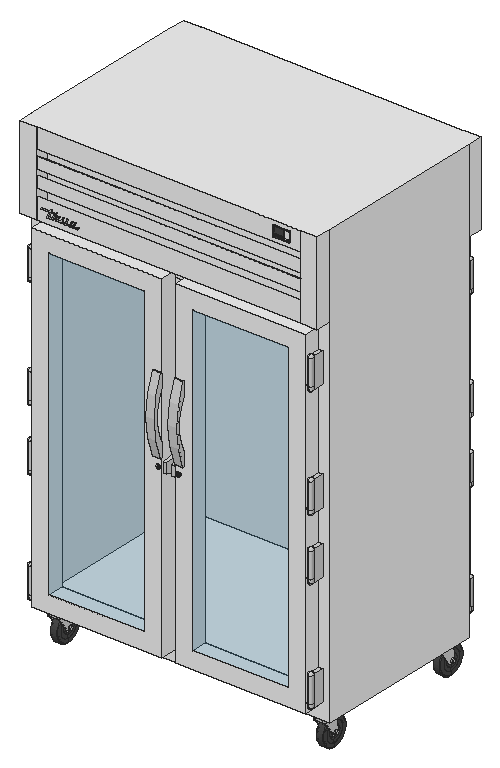
Revit family (continued)
Automatic sketch dimensions
  Revolve 87 sketch curve to Revolve 87 sketch curve = 0.40666"
  Revolve 87 sketch curve to Revolve 87 sketch curve = 0"
  plane 7 to Revolve 87 sketch curve = 22.42281"
  Revolve 87 sketch curve to Revolve 87 sketch curve = 0.32931"
  Revolve 87 sketch curve to Revolve 87 sketch curve = 0.51246"
  Revolve 87 sketch curve to Revolve 87 sketch curve = 0.05342"
  Revolve 87 sketch curve to Revolve 87 sketch curve = 4.42889"
  Revolve 87 sketch curve to Revolve 87 sketch curve = 0.04281"
  Revolve 87 sketch curve to Revolve 87 sketch curve = 0.18929"
  Revolve 87 sketch curve to Revolve 87 sketch curve = 0.55526"
  plane 10 to Extrusion 88 sketch curve = 1.14759"
  Extrusion 88 sketch curve to Extrusion 88 sketch curve = 0.39759"
  plane 7 to Extrusion 88 sketch curve = 23.37579"
  Extrusion 88 sketch curve to Extrusion 88 sketch curve = 4.47281"
  plane 1 "BACK" to Extrusion 89 sketch curve = 1/2"
  Extrusion 89 sketch curve to Extrusion 89 sketch curve = 0.43503"
  Extrusion 89 sketch curve to Extrusion 89 sketch curve = 0.20453"
  Extrusion 89 sketch curve to Extrusion 89 sketch curve = 1.61044"
  plane 7 to Extrusion 89 sketch curve = 2.86127"
  Extrusion 89 sketch curve to Extrusion 89 sketch curve = 0.71221"
  Extrusion 89 sketch curve to Extrusion 89 sketch curve = 4.39928"
  plane 1 "BACK" to Revolve 90 sketch curve = 0.07771"  (x2)
  Revolve 90 sketch curve to Revolve 90 sketch curve = 0.38242"
  Revolve 90 sketch curve to Revolve 90 sketch curve = 0.38436"
  plane 1 "BACK" to Revolve 90 sketch curve = 31/64"
  Revolve 90 sketch curve to Revolve 90 sketch curve = 0.40666"
  Revolve 90 sketch curve to Revolve 90 sketch curve = 0"
  plane 7 to Revolve 90 sketch curve = 2.67281"
  Revolve 90 sketch curve to Revolve 90 sketch curve = 0.32931"
  Revolve 90 sketch curve to Revolve 90 sketch curve = 0.51246"
  Revolve 90 sketch curve to Revolve 90 sketch curve = 0.05342"
  Revolve 90 sketch curve to Revolve 90 sketch curve = 4.42889"
  Revolve 90 sketch curve to Revolve 90 sketch curve = 0.04281"
  Revolve 90 sketch curve to Revolve 90 sketch curve = 0.18929"
  Revolve 90 sketch curve to Revolve 90 sketch curve = 0.55526"
  plane 10 to Extrusion 91 sketch curve = 1.14759"
  Extrusion 91 sketch curve to Extrusion 91 sketch curve = 0.39759"
  plane 7 to Extrusion 91 sketch curve = 3.62579"
  Extrusion 91 sketch curve to Extrusion 91 sketch curve = 4.47281"
  Extrusion 92 sketch curve to plane 1 "BACK" = 0.2"  (x2)
  Extrusion 92 sketch curve to plane 1 "BACK" = 0"  (x2)
  plane 1 "BACK" to Extrusion 92 sketch curve = 7.77899"
  plane 14 to Extrusion 92 sketch curve = 2.97406"
  Extrusion 92 sketch curve to plane 8 = 5.95"
  Extrusion 92 sketch curve to Extrusion 92 sketch curve = 2.4"
  Extrusion 92 sketch curve to Extrusion 92 sketch curve = 4.4"
  Extrusion 92 sketch curve to Extrusion 92 sketch curve = 0"
  Extrusion 93 sketch curve to plane 1 "BACK" = 0.2"  (x2)
  Extrusion 93 sketch curve to plane 1 "BACK" = 0"  (x2)
  plane 1 "BACK" to Extrusion 93 sketch curve = 7.77899"
  plane 14 to Extrusion 93 sketch curve = 2.97406"
  plane 9 to Extrusion 93 sketch curve = 3.99688"
  Extrusion 93 sketch curve to Extrusion 93 sketch curve = 2.4"
  Extrusion 93 sketch curve to plane 12 = 12 19/32"
  Extrusion 93 sketch curve to Extrusion 93 sketch curve = 0"
  Extrusion 3 to Extrusion 94 sketch curve = 0"  (x2)
  Extrusion 94 sketch curve to Extrusion 94 sketch curve = 1"
  Extrusion 3 to Extrusion 94 sketch curve = 1"
  Extrusion 3 to Extrusion 94 sketch curve = 22 1/8"  (x2)
  Extrusion 94 sketch curve to Extrusion 94 sketch curve = 4 1/32"  (x2)
  plane 1 "BACK" to curve 1 = 0"
  curve 1 to plane 3 "LEFT" = 0"
  curve 25 to plane 5 "FRONT" = 0"
  curve 1 to plane 4 "RIGHT" = 0"
  plane 3 "LEFT" to curve 11 = 1.20097"
  plane 3 "LEFT" to curve 7 = 1.20097"
  curve 43 to plane 9 = 3/4"
  curve 25 to plane 9 = 3/4"
  curve 9 to plane 9 = 11/32"
  curve 13 to plane 9 = 11/32"
  plane 1 "BACK" to curve 11 = 3.1708"
  plane 9 to curve 11 = 0.98222"
  plane 9 to curve 6 = 0.60602"
  curve 32 to plane 1 "BACK" = 0.2"
  curve 10 to curve 32 = 1.83124"
  curve 34 to curve 35 = 2.4"
  plane 14 to curve 32 = 2.97406"
  curve 32 to plane 12 = 12.47812"
  curve 35 to curve 32 = 0"
  curve 35 to curve 33 = 2.4"
  curve 26 to plane 12 = 2.60575"
  curve 27 to plane 12 = 1.10575"
  curve 43 to plane 12 = 1 1/8"
  curve 25 to curve 28 = 0.01925"
  curve 31 to plane 8 = 1.27763"
  curve 41 to plane 8 = 1 9/32"
  curve 31 to curve 23 = 0.00362"
  curve 30 to curve 29 = 1 1/2"
  curve 36 to plane 1 "BACK" = 0.2"
  curve 41 to curve 36 = 4.56875"
  curve 37 to curve 39 = 2.4"
  curve 39 to curve 39 = 4.4"
  plane 14 to curve 36 = 2.97406"
  curve 36 to curve 39 = 0"
  curve 39 to curve 38 = 2.4"
  curve 20 to plane 10 = 2.55528"
  curve 16 to plane 10 = 2.55528"
  curve 16 to plane 10 = 1.25624"
  curve 21 to plane 10 = 1.25624"
  plane 10 to curve 18 = 0.06972"
  plane 10 to curve 15 = 0.06972"
  plane 10 to curve 40 = 19/32"
  plane 10 to curve 22 = 19/32"
  curve 40 to curve 41 = 0"
  curve 22 to curve 23 = 0"
  curve 26 to curve 26 = 1.64405"
  curve 29 to curve 29 = 1.64405"
  curve 5 to plane 5 "FRONT" = 2 1/4"
  curve 20 to plane 5 "FRONT" = 3.92849"
  curve 5 to curve 9 = 1.78257"
  curve 20 to curve 19 = 3/4"
  curve 8 to curve 8 = 3/4"
  curve 36 to curve 39 = 7.30945"
  curve 32 to curve 35 = 7.30945"
  curve 12 to curve 10 = 5.29663"
  plane 1 "BACK" to curve 16 = 8.46743"
  curve 16 to curve 16 = 3/4"
  curve 44 to curve 1 = 2 1/4"
  plane 8 to Extrusion 6 sketch curve = 4 1/8"
  plane 8 to Extrusion 6 sketch curve = 1 1/8"
  Extrusion 6 sketch curve to plane 8 = 1 9/32"
  Extrusion 57 sketch curve to plane 5 "FRONT" = 0"  (x2)
  plane 10 to Extrusion 57 sketch curve = 19/32"
  Extrusion 57 sketch curve to plane 8 = 1 9/32"
  plane 8 to Extrusion 57 sketch curve = 1 1/8"
  Extrusion 57 sketch curve to plane 9 = 3/4"
  plane 1 "BACK" to Extrusion 95 sketch curve = 0"  (x2)
  plane 10 to Extrusion 95 sketch curve = 19/32"
  Extrusion 95 sketch curve to plane 8 = 1 9/32"
  plane 8 to Extrusion 95 sketch curve = 1 1/8"
  Extrusion 95 sketch curve to plane 9 = 3/4"
  radius of Extrusion 7 sketch curve = 0.35"  (x2)
  radius of Extrusion 9 sketch curve = 1/4"
  radius of Extrusion 58 sketch curve = 1 1/2"
  radius of Extrusion 59 sketch curve = 1 1/2"
  radius of Extrusion 60 sketch curve = 1 1/2"
  radius of Extrusion 61 sketch curve = 1 1/2"
  radius of Extrusion 65 sketch curve = 0.35"  (x2)
Connectors (in)
  electrical at (49.53125, -0.0625, 82), driven by "Volts", driven by "Watts"
    settings: on Extrusion 9, index 1, voltage 208 V, apparent load 3000 VA, apparent load phase1 0 VA, apparent load phase2 0 VA, apparent load phase3 0 VA, power factor 1, load classification "Other", number of poles 1, system type 30, power factor state 1, is connector primary yes, connector utility no, sub classification motor no, connector description "Electrical Connection"
